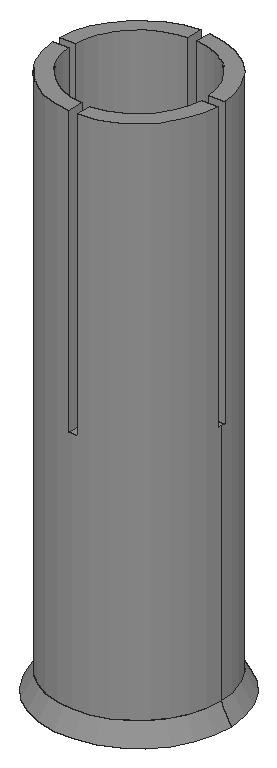
Revit family "Einschlaganker ES M 12x50 A4", category Generic Models, Revit 2017
Family settings
  Can host rebar = No
  Round Connector Dimension = Use Diameter
  Part Type = Normal
  Work Plane-Based = No
  Always vertical = Yes
  Cut with Voids When Loaded = No
  Shared = No
  Room Calculation Point = No
Parameters (values of type "ES M 12x50 A4")
  URL = "http://www.obo-bettermann.com"
  Material = Stainless steel, rustproof
  Manufacturer Art.No. = "3492012"
  Manufacturer = "OBO BETTERMANN"
  GTIN = "4012196709595"
  Article Type = "ES M 12x50 A4"
Reference planes
  plane 1 "Center (Front/Back)": y = 0
  plane 2: z = 0
  plane 3 "Center (Left/Right)": x = 0
  plane 4: z = 48.27
  plane 5: x = -8.4
  plane 6: x = 8.4
  plane 7: z = -1.73
  plane 8: z = 22.27
  plane 9: z = 22.27
  plane 10: through (0, 0, 1200) normal (-0.7071, -0.7071, 0)
  plane 11: z = 22.27
  plane 12: z = 22.27
Forms (mm)
  Extrusion 1, solid, material "Stainless steel, rustproof" <- "Material"
    sketch origin (0, 0, 0) x (1, 0, 0) y (0, 1, 0)
      loop
        circle (0, 0) r 7.45
      loop
        circle (0, 0) r 6.026
    from 0 to 48.27
  Revolve 2, solid, material "Stainless steel, rustproof" <- "Material"
    sketch origin (0, 0, 0) x (1, 0, 0) y (0, 0, 1)
      loop
        line (7.45, 0) -> (6.026, 0) -> (6.026, -1.73) -> (8.4, -1.73) -> (7.45, 0)
      axis (0, 0) -> (0, -1.73)
    angle from 0 to 360
  Extrusion 3, void
    sketch origin (0, 0, 0) x (1, 0, 0) y (0, 0, 1)
      loop
        line (-0.377, 48.27) -> (-0.377, 22.27) -> (0.423, 22.27) -> (0.423, 48.27) -> (-0.377, 48.27)
    from 5.657 to 8.648
  Extrusion 4, void
    sketch origin (0, 0, 0) x (1, 0, 0) y (0, 0, -1)
      loop
        line (-0.377, -48.27) -> (0.423, -48.27) -> (0.423, -22.27) -> (-0.377, -22.27) -> (-0.377, -48.27)
    from 5.657 to 8.648
  Extrusion 5, void
    sketch origin (0, 0, 0) x (0, -1, 0) y (0, 0, 1)
      loop
        line (-0.377, 48.27) -> (-0.377, 22.27) -> (0.423, 22.27) -> (0.423, 48.27) -> (-0.377, 48.27)
    from 5.657 to 8.648
  Extrusion 6, void
    sketch origin (0, 0, 0) x (0, -1, 0) y (0, 0, -1)
      loop
        line (-0.377, -48.27) -> (0.423, -48.27) -> (0.423, -22.27) -> (-0.377, -22.27) -> (-0.377, -48.27)
    from 5.657 to 8.648
Cuts and joins
  Extrusion 3, Extrusion 4, Extrusion 5, Extrusion 6 cuts Extrusion 1
Dimensions and locks
  locked: plane 3 "Center (Left/Right)" to Extrusion 1 sketch curve  (x2)
  locked: plane 3 "Center (Left/Right)" to Extrusion 1 sketch curve at 7.45
  locked: plane 3 "Center (Left/Right)" to Extrusion 1 sketch curve at 6.026
  locked: plane 4 to level at 48.27
  locked: Revolve 2 sketch curve to Revolve 2 sketch curve at 1.424
  locked: Extrusion 1 to Revolve 2 sketch curve at 1.73
  locked: Revolve 2 sketch curve to Revolve 2 sketch curve at 2.374
  locked: Revolve 2 sketch curve to Revolve 2 sketch curve at 1.974
  locked: plane 4 to Revolve 2 at 50
  locked: plane 4 to plane 8 at 26
  locked: Extrusion 3 sketch curve to Extrusion 3 sketch curve at 0.8
  locked: Extrusion 3 sketch curve to plane 3 "Center (Left/Right)" at 0.377
  locked: Extrusion 1 to Extrusion 3 sketch curve at 26
  locked: Extrusion 4 sketch curve to Extrusion 4 sketch curve at 0.8
  locked: Extrusion 5 sketch curve to Extrusion 5 sketch curve at 0.8
  locked: Extrusion 6 sketch curve to Extrusion 6 sketch curve at 0.8
  aligned and locked: level to plane 2
  aligned and locked: plane 4 to Extrusion 1
  aligned and locked: Extrusion 1 to level
  aligned and locked: Revolve 2 sketch curve to plane 3 "Center (Left/Right)"
  aligned and locked: Revolve 2 sketch curve to level
  aligned and locked: plane 7 to Revolve 2 sketch curve
